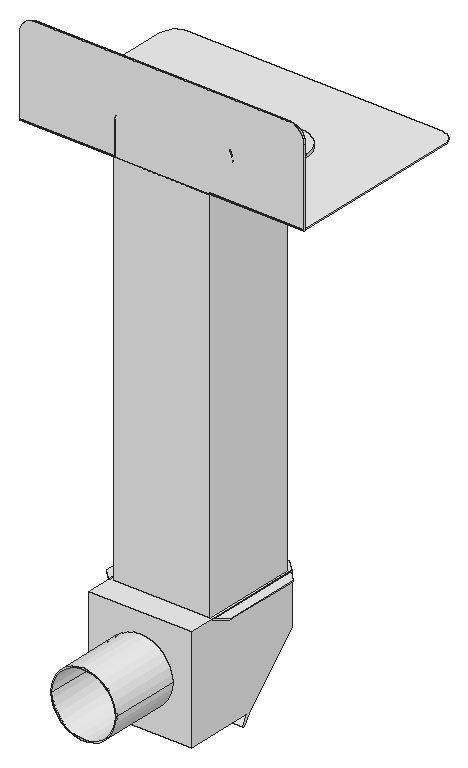
Revit family "Plumbing_Drainage_Menzies-Metal_Clamp-Tite_Aluminum-Box-Scupper", category Plumbing Fixtures, host Face, Revit 2015
Parameters (values of type "3" downspout")
  Weight = 3.80 lbf
  URL = "https://www.menzies-metal.com/"
  Strainer Note [instance] = "Strainer kit sold separately."  # constant formula
  Strainer Kit [instance] = No Strainer Kit : None
  Product data url = "https://bimobject.com/menzies-metal/product/clamptite-boxscupper-aluminum"
  Product Material = Metal - Menzies Metal Products - Aluminum
  Product Guid = "08152c5e-c8c3-438a-bbad-224a288af54e"
  Pipe Diameter = 2 3/4"  # constant formula
  Model = "300-3315"
  Manufacturer = "Menzies Metal Products"  # constant formula
  Edition number = 1
  Drain Flow = 0 GPM
  Description = "\"Clamp-Tite Aluminum Box Scupper\""
  Default Elevation = 4' - 0"
  Box Length Note = "Cut to suit wall depth."  # constant formula
  Box Length = 1' - 5"
  Assembly Code = "D2040200"
Types (2): name | Weight | Strainer Kit | Model
  3" downspout | 3.80 lbf | No Strainer Kit : None | "300-3315"
  3" downspout w/ strainer kit | 3.20 lbf | Plumbing_Drainage_Menzies-Metal_Strainer-Kit-for-Box-Scupper : Strainer Kit for Clamp-TiteBox Scupper | "300-3315 & 300-3199"
Reference planes (in)
  plane 1 "Center (Front/Back)": y = 0
  plane 2: z = 0
  plane 3 "Center (Left/Right)": x = 0
  plane 4: z = -17
  plane 5: x = -6
  plane 6: x = 6
  plane 7: x = -3
  plane 8: x = 3
Forms (in)
  Extrusion 1, solid, material "Metal - Menzies Metal Products - Aluminum" <- "Product Material", detail levels coarse
    sketch origin (0, 0, 0) x (1, 0, 0) y (0, 1, 0)
      loop
        line (-2.0365, 0.042) -> (2.0365, 0.042) -> (2.0365, 4.092) -> (-2.0365, 4.092) -> (-2.0365, 0.042)
    from -17 to 0
  Extrusion 2, solid, material "Metal - Menzies Metal Products - Aluminum" <- "Product Material", detail levels coarse
    sketch origin (0, 0, 0) x (0, 1, 0) y (0, 0, 1)
      loop
        line (0.063, 0) -> (8.094, 0) -> (8.094, 0.03125) -> (0.09425, 0.03125) -> (0.09425, 3.92) -> (0.063, 3.92) -> (0.063, 0)
    from -6 to 6
  Extrusion 3, solid, material "Metal - Menzies Metal Products - Aluminum", detail levels coarse
    sketch origin (0, 0, 0) x (0, 1, 0) y (0, 0, 1)
      loop
        line (0.209, 2.64613) -> (0.09425, 2.64613) -> (0.09425, 0.03125) -> (5.13413, 0.03125) -> (5.13413, 0.146) -> (0.209, 0.146) -> (0.209, 2.64613)
    from -3 to 3
  Extrusion 4, solid, material "Metal - Menzies Metal Products - Aluminum" <- "Product Material", detail levels medium+fine
    sketch origin (0, 0, 0) x (1, 0, 0) y (0, 1, 0)
      loop
        line (2.0365, 0.042) -> (2.0365, 4.092) -> (-2.0365, 4.092) -> (-2.0365, 0.042) -> (2.0365, 0.042)
      loop
        line (-2.00525, 4.06075) -> (-2.00525, 0.07325) -> (2.00525, 0.07325) -> (2.00525, 4.06075) -> (-2.00525, 4.06075)
    from -17 to 0
  Extrusion 5, solid, material "Metal - Menzies Metal Products - Aluminum" <- "Product Material", detail levels medium+fine
    sketch origin (0, 0, 0) x (1, 0, 0) y (0, 0, 1)
      loop
        arc (-5.375, 3.92) -> (-5.81694, 3.73694) -> (-6, 3.295) r 0.625
        line (-6, 3.295) -> (-6, 0) -> (6, 0) -> (6, 3.295)
        arc (6, 3.295) -> (5.81694, 3.73694) -> (5.375, 3.92) r 0.625
        line (5.375, 3.92) -> (-5.375, 3.92)
    from -0.09425 to -0.063
  Extrusion 6, solid, material "Metal - Menzies Metal Products - Aluminum" <- "Product Material", detail levels medium+fine
    sketch origin (0, 0, 0) x (1, 0, 0) y (0, 1, 0)
      loop
        line (-6, 0.063) -> (-2, 0.063) -> (-2, 4.06075) -> (2, 4.06075) -> (2, 0.063) -> (6, 0.063) -> (6, 7.469)
        arc (6, 7.469) -> (5.81694, 7.91094) -> (5.375, 8.094) r 0.625
        line (5.375, 8.094) -> (-5.375, 8.094)
        arc (-5.375, 8.094) -> (-5.81694, 7.91094) -> (-6, 7.469) r 0.625
        line (-6, 7.469) -> (-6, 0.063)
    from 0 to 0.03125
  Extrusion 7, solid, material "Metal - Menzies Metal Products - Aluminum", detail levels medium+fine
    sketch origin (0, 0, 0) x (1, 0, 0) y (0, 1, 0)
      loop
        arc (-1.75, 5.13413) -> (-2.63388, 4.76802) -> (-3, 3.88413) r 1.25
        line (-3, 3.88413) -> (-3, 0.209) -> (-1.99927, 0.209)
        arc (-1.99927, 0.209) -> (-1.93738, 0.39363) -> (-1.76181, 0.47785) r 0.25
        arc (-1.76181, 0.47785) -> (-1.48721, 0.60318) -> (-1.375, 0.8834) r 0.406
        line (-1.375, 0.8834) -> (-1.375, 1.38486)
        arc (-1.375, 1.38486) -> (-1.48721, 1.66508) -> (-1.76181, 1.79041) r 0.406
        arc (-1.76181, 1.79041) -> (-1.93091, 1.86758) -> (-2, 2.04013) r 0.25
        line (-2, 2.04013) -> (-2, 3.88413)
        arc (-2, 3.88413) -> (-1.92678, 4.06091) -> (-1.75, 4.13413) r 0.25
        line (-1.75, 4.13413) -> (-0.656, 4.13413)
        arc (-0.656, 4.13413) -> (-0.47922, 4.06091) -> (-0.406, 3.88413) r 0.25
        line (-0.406, 3.88413) -> (-0.406, 3.45013)
        arc (-0.406, 3.45013) -> (0.00001, 3.04413) -> (0.40601, 3.45013) r 0.40601
        line (0.40601, 3.45013) -> (0.40601, 3.88411)
        arc (0.40601, 3.88411) -> (0.47923, 4.06087) -> (0.65599, 4.13409) r 0.24998
        line (0.65599, 4.13409) -> (1.74992, 4.13409)
        arc (1.74992, 4.13409) -> (1.92664, 4.06089) -> (1.99983, 3.88417) r 0.24992
        line (1.99983, 3.88417) -> (1.99983, 2.04036)
        arc (1.99983, 2.04036) -> (1.93066, 1.86778) -> (1.76145, 1.79076) r 0.24986
        arc (1.76145, 1.79076) -> (1.48624, 1.66537) -> (1.37376, 1.38464) r 0.40656
        line (1.37376, 1.38464) -> (1.37376, 0.88115)
        arc (1.37376, 0.88115) -> (1.48625, 0.59972) -> (1.76174, 0.47336) r 0.40829
        arc (1.76174, 0.47336) -> (1.93615, 0.39066) -> (2.0014, 0.209) r 0.25288
        line (2.0014, 0.209) -> (3, 0.209) -> (3, 3.88413)
        arc (3, 3.88413) -> (2.63388, 4.76802) -> (1.75, 5.13413) r 1.25
        line (1.75, 5.13413) -> (-1.75, 5.13413)
    from 0.021 to 0.146
  Extrusion 8, solid, material "Metal - Menzies Metal Products - Aluminum", detail levels medium+fine
    sketch origin (0, 0, 0) x (1, 0, 0) y (0, 0, 1)
      loop
        arc (-1.75, 2.64613) -> (-2.63388, 2.28002) -> (-3, 1.39613) r 1.25
        line (-3, 1.39613) -> (-3, 0.03125) -> (-2, 0.03125) -> (-2, 1.39613)
        arc (-2, 1.39613) -> (-1.92678, 1.57291) -> (-1.75, 1.64613) r 0.25
        line (-1.75, 1.64613) -> (1.75, 1.64613)
        arc (1.75, 1.64613) -> (1.92678, 1.57291) -> (2, 1.39613) r 0.25
        line (2, 1.39613) -> (2, 0.03125) -> (3, 0.03125) -> (3, 1.39613)
        arc (3, 1.39613) -> (2.63388, 2.28002) -> (1.75, 2.64613) r 1.25
        line (1.75, 2.64613) -> (-1.75, 2.64613)
    from -0.209 to -0.084
  Extrusion 9, void
    sketch origin (0, 0, 0) x (1, 0, 0) y (0, 1, 0)
      loop
        line (2.0365, 4.092) -> (-2.0365, 4.092) -> (-2.0365, 0.042) -> (2.0365, 0.042) -> (2.0365, 4.092)
    from -17 to 0
Lines and regions (in)
  Masking region 1
    outline origin (0, 0, 0) x (1, 0, 0) y (0, 0, 1)
      loop
        arc (-5.375, 3.92) -> (-5.81694, 3.73694) -> (-6, 3.295) r 0.625
        line (-6, 3.295) -> (-6, 0) -> (-2.0365, 0) -> (-2.0365, -16) -> (2.0365, -16) -> (2.0365, 0) -> (6, 0) -> (6, 3.295)
        arc (6, 3.295) -> (5.81694, 3.73694) -> (5.375, 3.92) r 0.625
        line (5.375, 3.92) -> (-5.375, 3.92)
  symbolic lines, detail levels medium+fine
    curve 1: line (-6, 0, 0) -> (6, 0, 0)
    curve 2: line (6, 0, 0.03125) -> (-6, 0, 0.03125)
Dimensions and locks (in)
  "Box Length": host face to plane 4
  Extrusion 1 sketch curve to plane 3 "Center (Left/Right)" to Extrusion 1 sketch curve = 0' - 2.0365" locked, 0' - 2.0365" locked
  plane 1 "Center (Front/Back)" to Extrusion 1 sketch curve to Extrusion 1 sketch curve = 0' - 0.042" locked, 0' - 4.05" locked
  Extrusion 2 sketch curve to Extrusion 2 sketch curve to Extrusion 2 sketch curve to plane 1 "Center (Front/Back)" = 0' - 7.99975" locked, 0' - 0 1/32" locked, 0' - 0.063" locked
  Extrusion 2 sketch curve to Extrusion 2 sketch curve to level to Extrusion 2 sketch curve = 0' - 3.88875" locked, 0' - 0 1/32" locked, 0' - 0" locked
  equal spacing: plane 6, plane 3 "Center (Left/Right)", plane 5
  locked: plane 5 to plane 6 at 12
  Extrusion 3 sketch curve to Extrusion 3 sketch curve to Extrusion 2 to plane 1 "Center (Front/Back)" = 0' - 4.92513" locked, 0' - 0.11475" locked, 0' - 0.09425" locked
  Extrusion 3 sketch curve to Extrusion 3 sketch curve to Extrusion 3 sketch curve to plane 2 = 0' - 2.50013" locked, 0' - 0.11475" locked, 0' - 0 1/32" locked
  plane 8 to plane 3 "Center (Left/Right)" to plane 7 = 0' - 3" locked, 0' - 3" locked
  locked: plane 1 "Center (Front/Back)" to nested 1 at 4.06625
  equal spacing: Extrusion 6 sketch curve, plane 3 "Center (Left/Right)", Extrusion 6 sketch curve, locked at 2 each
  locked: Extrusion 6 sketch curve to plane 3 "Center (Left/Right)" at 2
  locked: Masking region 1 sketch curve to plane 4 at 1
  aligned and locked: plane 2 to host face
  aligned and locked: level to host face
  aligned and locked: Extrusion 1 to plane 4
  aligned and locked: plane 2 to Extrusion 1
  aligned and locked: plane 5 to Extrusion 2
  aligned and locked: Extrusion 2 to plane 6
  aligned and locked: plane 7 to Extrusion 3
  aligned and locked: Extrusion 3 to plane 8
  aligned and locked: plane 4 to nested 1
  aligned and locked: nested 1 to plane 3 "Center (Left/Right)"
  aligned and locked: host face to Extrusion 4
  aligned and locked: Extrusion 4 to plane 4
  aligned and locked: Extrusion 2 to Extrusion 5 sketch curve  (x2)
  aligned and locked: Extrusion 5 sketch curve to Extrusion 2
  aligned and locked: host face to Extrusion 5 sketch curve
  aligned and locked: Extrusion 5 to Extrusion 2  (x2)
  aligned and locked: Extrusion 6 sketch curve to plane 5
  aligned and locked: Extrusion 6 sketch curve to plane 6
  aligned and locked: Extrusion 2 to Extrusion 6 sketch curve
  aligned and locked: Extrusion 6 sketch curve to Extrusion 2
  aligned and locked: Extrusion 6 to Extrusion 2
  aligned and locked: Extrusion 2 to plane 2
  aligned and locked: Extrusion 8 to Extrusion 3
  aligned and locked: Masking region 1 sketch curve to Extrusion 5  (x3)
  aligned and locked: host face to Masking region 1 sketch curve  (x2)
  aligned and locked: Extrusion 4 to Masking region 1 sketch curve
  aligned and locked: Masking region 1 sketch curve to Extrusion 4
  aligned and locked: curve 1 to Extrusion 6
  aligned and locked: curve 2 to Extrusion 6
  aligned and locked: Extrusion 9 sketch curve to Extrusion 4  (x4)
  aligned and locked: Extrusion 9 to plane 4
  aligned and locked: level to Extrusion 9
Automatic sketch dimensions
  host sketch curve to host sketch curve = 8' - 0"  (x2)
  Extrusion 3 sketch curve to plane 1 "Center (Front/Back)" = 0' - 0.09425"
  plane 8 to Extrusion 4 sketch curve = 0' - 0.9635"
  Extrusion 4 sketch curve to plane 1 "Center (Front/Back)" = 0' - 4.092"
  Extrusion 4 sketch curve to plane 7 = 0' - 0.9635"
  Extrusion 4 sketch curve to plane 1 "Center (Front/Back)" = 0' - 0.042"
  Extrusion 4 sketch curve to Extrusion 4 sketch curve = 0' - 0 1/32"  (x4)
  Extrusion 5 sketch curve to plane 5 = 0' - 0 5/8"
  Extrusion 5 sketch curve to Extrusion 5 sketch curve = 0' - 0 5/8"
  Extrusion 6 sketch curve to Extrusion 6 sketch curve = 0' - 0 5/8"
  plane 6 to Extrusion 6 sketch curve = 0' - 0 5/8"
  Extrusion 6 sketch curve to Extrusion 6 sketch curve = 0' - 0"  (x2)
  Extrusion 6 sketch curve to Extrusion 6 sketch curve = 0' - 3.99775"
  Extrusion 7 sketch curve to Extrusion 7 sketch curve = 0' - 0"  (x3)
  Extrusion 7 sketch curve to plane 7 = 0' - 1"
  Extrusion 7 sketch curve to plane 1 "Center (Front/Back)" = 0' - 0.209"  (x2)
  Extrusion 7 sketch curve to plane 7 = 0' - 1.00073"
  Extrusion 7 sketch curve to Extrusion 7 sketch curve = 0' - 0.21827"
  Extrusion 7 sketch curve to Extrusion 7 sketch curve = 0' - 0.24927"
  Extrusion 7 sketch curve to Extrusion 7 sketch curve = 0' - 0 1/4"  (x2)
  Extrusion 7 sketch curve to Extrusion 7 sketch curve = 0' - 0.406"
  Extrusion 7 sketch curve to plane 3 "Center (Left/Right)" = 0' - 0.656"
  Extrusion 7 sketch curve to plane 3 "Center (Left/Right)" = 0' - 0.406"
  plane 3 "Center (Left/Right)" to Extrusion 7 sketch curve = 0' - 0"
  Extrusion 7 sketch curve to Extrusion 7 sketch curve = 0' - 0.24998"
  plane 3 "Center (Left/Right)" to Extrusion 7 sketch curve = 0' - 1.37376"
  Extrusion 7 sketch curve to Extrusion 7 sketch curve = 0' - 0.37504"
  Extrusion 7 sketch curve to Extrusion 7 sketch curve = 0' - 0.37621"
  Extrusion 7 sketch curve to Extrusion 7 sketch curve = 0' - 0.00008"
  Extrusion 7 sketch curve to Extrusion 7 sketch curve = 0' - 0.40656"
  Extrusion 7 sketch curve to Extrusion 7 sketch curve = 0' - 0.40829"
  Extrusion 7 sketch curve to Extrusion 7 sketch curve = 0' - 0.24983"
  Extrusion 7 sketch curve to plane 1 "Center (Front/Back)" = 0' - 0.22082"
  Extrusion 7 sketch curve to plane 1 "Center (Front/Back)" = 0' - 0.22813"
  Extrusion 7 sketch curve to Extrusion 7 sketch curve = 0' - 0.66033"
  Extrusion 7 sketch curve to Extrusion 7 sketch curve = 0' - 0.65527"  (x2)
  Extrusion 7 sketch curve to Extrusion 7 sketch curve = 0' - 0.50349"
  Extrusion 7 sketch curve to Extrusion 7 sketch curve = 0' - 0.50147"
  Extrusion 7 sketch curve to Extrusion 7 sketch curve = 0' - 0.65572"
  Extrusion 7 sketch curve to Extrusion 7 sketch curve = 0' - 1.40977"
  Extrusion 7 sketch curve to Extrusion 7 sketch curve = 0' - 0.43398"
  Extrusion 7 sketch curve to Extrusion 7 sketch curve = 0' - 0.434"
  Extrusion 7 sketch curve to Extrusion 7 sketch curve = 0' - 0.01294"
  Extrusion 7 sketch curve to plane 7 = 0' - 0"
  Extrusion 7 sketch curve to Extrusion 7 sketch curve = 0' - 0.00004"
  Extrusion 7 sketch curve to plane 8 = 0' - 0"
  Extrusion 8 sketch curve to Extrusion 8 sketch curve = 0' - 0"  (x4)
  plane 8 to Extrusion 8 sketch curve = 0' - 0"
  Extrusion 8 sketch curve to plane 7 = 0' - 1"
  Extrusion 8 sketch curve to Extrusion 8 sketch curve = 0' - 0 1/4"  (x2)
  level to Extrusion 8 sketch curve = 0' - 0 1/32"  (x2)
  Extrusion 8 sketch curve to Extrusion 8 sketch curve = 0' - 1.36488"
  plane 7 to Extrusion 8 sketch curve = 0' - 0"
Nested families (in)
  nested 1: "Catch Box" at (0, -0.03125, -16) x (1, 0, 0) z (0, 0, -1), type "Catch Box"
  nested 2: "No Strainer Kit" at (0, 0.084, 0) x (0, 1, 0) z (0, 0, 1), type <- "Strainer Kit", type "None"
Connectors (in)
  piping at (0, -4.06625, -18.2), diameter 2.75, driven by "Drain Flow", driven by "Pipe Diameter"
    settings: on nested 1, index 1, connector inside diameter 24", connector length 0' - 0", flow factor 0, pipe flow 0 GPM, pressure drop 0.00 psi, fitting loss kfactor 0, connector angle 0.00°, fixture units 0, engagement length 0' - 0", angle of deflection 0.00°, flow configuration 0, flow direction 2, fitting loss method 0, system type 22, joint type 0, gender type 0, connector reference index -1, connector utility 0, adjustable connector no, is connector primary yes, connector description "Drain Pipe Connection"
Definition of nested family "Catch Box"
  Parameters (values of type "Catch Box")
    Material = none
    Default Elevation = 4' - 0"
  Reference planes (in)
    plane 1 "Center (Front/Back)": y = 0
    plane 2: z = 0
    plane 3 "Center (Left/Right)": x = 0
    plane 4: z = 1
    plane 5: y = -4.035
    plane 6: x = -2.17
    plane 7: x = 2.17
  Forms (in)
    Extrusion 1, solid, material <- "Material"
      sketch origin (0, 0, 0) x (0, 1, 0) y (0, 0, 1)
        loop
          line (-1.06, 0) -> (4.694, 0) -> (4.694, 0.03125) -> (4.22, 0.03125) -> (4.22, 2.12355) -> (1.93515, 4.40841) -> (1.70103, 4.81391) -> (1.65258, 4.78595) -> (1.87541, 4.4) -> (-1.06, 4.4) -> (-1.06, 0)
      from -2.17 to 2.17
    Extrusion 2, solid, material <- "Material", detail levels coarse
      sketch origin (0, 0, 0) x (1, 0, 0) y (0, 0, 1)
        loop
          circle (0, 2.2) r 1.375
      from 1.06 to 4.035
    Extrusion 3, solid, material <- "Material"
      sketch origin (0, 0, 0) x (1, 0, 0) y (0, 1, 0)
        loop
          line (-2.614, 3.72) -> (-2.614, 0.465) -> (-2.17, 0.021) -> (-2.17, 4.164) -> (-2.614, 3.72)
        loop
          line (2.614, 3.72) -> (2.17, 4.164) -> (2.17, 0.021) -> (2.614, 0.465) -> (2.614, 3.72)
      from 0 to 0.03125
    Extrusion 4, solid, material <- "Material", detail levels medium+fine
      sketch origin (0, 0, 0) x (1, 0, 0) y (0, 0, 1)
        loop
          circle (0, 2.2) r 1.375
        loop
          circle (0, 2.2) r 1.33984
      from 1.06 to 4.035
    Extrusion 5, void
      sketch origin (0, 0, 0) x (1, 0, 0) y (0, 1, 0)
        loop
          line (-1.64, 4.694) -> (-2.17, 4.694) -> (-2.17, 4.164) -> (-1.64, 4.694)
        loop
          line (2.17, 4.2) -> (2.17, 4.694) -> (1.676, 4.694) -> (2.17, 4.2)
      from 0 to 12
  Cuts and joins
    Extrusion 5 cuts Extrusion 1
  Lines and regions (in)
    Masking region 1
      outline origin (0, 0, 0) x (1, 0, 0) y (0, 0, 1)
        loop
          line (-2.17, 4.81391) -> (-2.17, 0.03125) -> (-2.614, 0.03125) -> (-2.614, 0) -> (2.614, 0) -> (2.614, 0.03125) -> (2.17, 0.03125) -> (2.17, 4.81391) -> (-2.17, 4.81391)
    symbolic lines, detail levels medium+fine
      curve 1: line (2.17, 0, 4.4) -> (-2.17, 0, 4.4)
      curve 2: line (2.17, 0, 0.03125) -> (-2.17, 0, 0.03125)
  Dimensions and locks (in)
    locked: plane 4 to level at 1
    locked: plane 1 "Center (Front/Back)" to plane 5 at 4.035
    equal spacing: plane 7, plane 3 "Center (Left/Right)", plane 6, locked at 2.17 each
    locked: plane 7 to plane 6 at 4.34
    Extrusion 2 sketch curve to plane 3 "Center (Left/Right)" to Extrusion 2 sketch curve = 0' - 1 3/8" locked, 0' - 1 3/8" locked
    locked: Extrusion 2 sketch curve to level at 0.825
    aligned and locked: plane 2 to level
    aligned and locked: Extrusion 1 to plane 6
    aligned and locked: Extrusion 1 to plane 7
    aligned and locked: Extrusion 2 to Extrusion 1
    aligned and locked: plane 5 to Extrusion 2
    aligned and locked: Extrusion 3 to level
    aligned and locked: Extrusion 3 to Extrusion 1
    aligned and locked: Extrusion 4 sketch curve to Extrusion 2  (x2)
    aligned and locked: Extrusion 4 to Extrusion 1
    aligned and locked: plane 5 to Extrusion 4
    aligned and locked: plane 7 to Extrusion 5 sketch curve
    aligned and locked: Extrusion 5 sketch curve to plane 6
    aligned and locked: Extrusion 5 sketch curve to Extrusion 1
    aligned and locked: Extrusion 1 to Extrusion 5 sketch curve
    aligned and locked: Masking region 1 sketch curve to cut or joined group of Extrusion 1, Extrusion 5  (x3)
    aligned and locked: cut or joined group of Extrusion 1, Extrusion 5 to Masking region 1 sketch curve
    aligned and locked: Masking region 1 sketch curve to Extrusion 3  (x2)
    aligned and locked: Extrusion 3 to Masking region 1 sketch curve
    aligned and locked: curve 1 to cut or joined group of Extrusion 1, Extrusion 5
    aligned and locked: curve 2 to cut or joined group of Extrusion 1, Extrusion 5
  Automatic sketch dimensions
    Extrusion 1 sketch curve to level = 0' - 0"
    plane 1 "Center (Front/Back)" to Extrusion 1 sketch curve = 0' - 1.06"
    Extrusion 1 sketch curve to plane 1 "Center (Front/Back)" = 0' - 1.87541"
    plane 4 to Extrusion 1 sketch curve = 0' - 1.12355"
    Extrusion 1 sketch curve to Extrusion 1 sketch curve = 0' - 2.28485"
    level to Extrusion 1 sketch curve = 0' - 0 1/32"
    Extrusion 1 sketch curve to Extrusion 1 sketch curve = 0' - 0.474"
    plane 4 to Extrusion 1 sketch curve = 0' - 3.4"
    Extrusion 1 sketch curve to Extrusion 1 sketch curve = 0' - 0.00841"
    Extrusion 1 sketch curve to Extrusion 1 sketch curve = 0' - 0.22283"
    Extrusion 1 sketch curve to Extrusion 1 sketch curve = 0' - 0.04844"
    Extrusion 1 sketch curve to Extrusion 1 sketch curve = 0' - 0.02797"
    Extrusion 3 sketch curve to plane 6 = 0' - 0"
    Extrusion 3 sketch curve to plane 7 = 0' - 0"
    Extrusion 3 sketch curve to plane 6 = 0' - 0.444"
    Extrusion 3 sketch curve to plane 7 = 0' - 0.444"
    Extrusion 3 sketch curve to plane 1 "Center (Front/Back)" = 0' - 0.021"  (x2)
    Extrusion 3 sketch curve to plane 1 "Center (Front/Back)" = 0' - 0.465"  (x2)
    Extrusion 3 sketch curve to Extrusion 3 sketch curve = 0' - 3.255"  (x2)
    Extrusion 3 sketch curve to Extrusion 3 sketch curve = 0' - 0.444"  (x2)
    Extrusion 4 sketch curve to Extrusion 4 sketch curve = 0' - 0"  (x2)
    Extrusion 5 sketch curve to Extrusion 5 sketch curve = 0' - 0"  (x2)
    Extrusion 5 sketch curve to Extrusion 5 sketch curve = 0' - 0.53"  (x2)
    plane 7 to Extrusion 5 sketch curve = 0' - 0.494"
    Extrusion 5 sketch curve to Extrusion 5 sketch curve = 0' - 0.494"
    level to Masking region 1 sketch curve = 0' - 0 1/32"
    curve 1 to plane 6 = 0' - 0"
    curve 2 to plane 6 = 0' - 0"
    curve 1 to plane 7 = 0' - 0"
    level to curve 2 = 0' - 0 1/32"
    plane 7 to curve 2 = 0' - 0"
    plane 4 to curve 1 = 0' - 3.4"
    radius of Extrusion 4 sketch curve = 0' - 1 87/256"
Definition of nested family "No Strainer Kit"
  Reference planes (in)
    plane 1 "Center (Front/Back)": y = 0
    plane 2: z = 0
    plane 3 "Center (Left/Right)": x = 0
  Dimensions and locks (in)
    aligned and locked: level to plane 2
